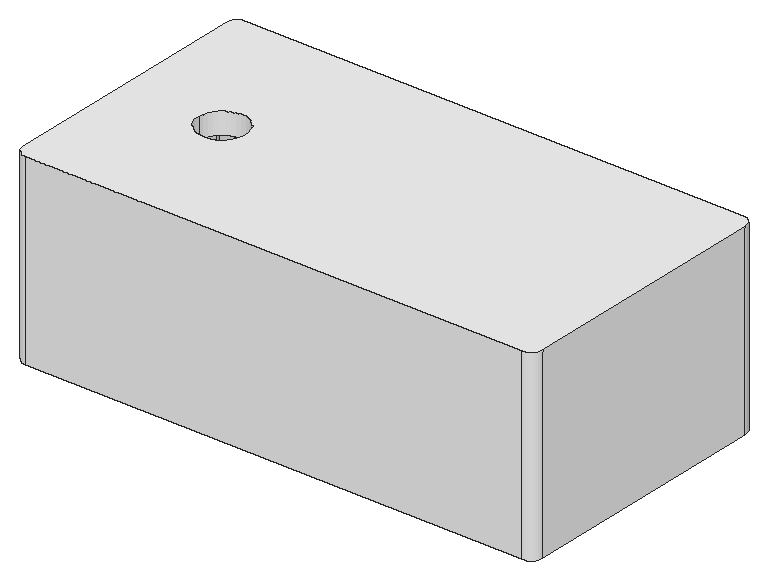
Revit family "BS0600010", category Plumbing Fixtures, Revit 2015
Parameters
  URL = "www.arboles.co.uk"
  Manufacturer = "ARBOLES UK LTD, 01204 388814"
  Description = "Belfast Ceramic Sink 460mm x 380mm x 205mm White"
Reference planes
  plane 1 "Center (Front/Back)": y = 0
  plane 2: z = 0
  plane 3 "Center (Left/Right)": x = 0
Forms (mm)
  Extrusion 1, solid
    sketch origin (0, 0, 0) x (1, 0, 0) y (0, 1, 0)
      loop
        line (15, -30.353) -> (645, -30.353)
        arc (645, -30.353) -> (655.607, -25.959) -> (660, -15.353) r 15
        line (660, -15.353) -> (660, 305)
        arc (660, 305) -> (655.607, 315.607) -> (645, 320) r 15
        line (645, 320) -> (15, 320)
        arc (15, 320) -> (4.393, 315.607) -> (0, 305) r 15
        line (0, 305) -> (0, -15.353)
        arc (0, -15.353) -> (4.393, -25.959) -> (15, -30.353) r 15
    from 0 to 236.733
  Extrusion 2, void
    sketch origin (0, 0, 0) x (1, 0, 0) y (0, 1, 0)
      loop
        arc (45, 285) -> (37.929, 282.071) -> (35, 275) r 10
        line (35, 275) -> (35, 227.613)
        arc (35, 227.613) -> (35.565, 225.304) -> (37.132, 223.517) r 5
        line (37.132, 223.517) -> (80.736, 192.986)
        arc (80.736, 192.986) -> (83.87, 189.412) -> (85, 184.794) r 10
        line (85, 184.794) -> (85, 95.206)
        arc (85, 95.206) -> (83.87, 90.588) -> (80.736, 87.014) r 10
        line (80.736, 87.014) -> (37.132, 56.483)
        arc (37.132, 56.483) -> (35.565, 54.696) -> (35, 52.387) r 5
        line (35, 52.387) -> (35, 13.584)
        arc (35, 13.584) -> (37.929, 6.513) -> (45, 3.584) r 10
        line (45, 3.584) -> (610, 3.584)
        arc (610, 3.584) -> (617.071, 6.513) -> (620, 13.584) r 10
        line (620, 13.584) -> (620, 275)
        arc (620, 275) -> (617.071, 282.071) -> (610, 285) r 10
        line (610, 285) -> (45, 285)
    from 0 to 209.583
  Extrusion 3, void
    sketch origin (0, 0, 0) x (1, 0, 0) y (0, 1, 0)
      loop
        line (100, 227.613) -> (35.3, 227.613) -> (35.3, 52.613) -> (100, 52.613) -> (100, 227.613)
    from 0 to 30
  Extrusion 4, void
    sketch origin (0, 0, 0) x (1, 0, 0) y (0, 1, 0)
      loop
        arc (47.325, 189.097) -> (43.79, 187.633) -> (42.325, 184.097) r 5
        line (42.325, 184.097) -> (42.325, 100)
        arc (42.325, 100) -> (43.79, 96.464) -> (47.325, 95) r 5
        line (47.325, 95) -> (65.717, 95)
        arc (65.717, 95) -> (69.252, 96.464) -> (70.717, 100) r 5
        line (70.717, 100) -> (70.717, 184.097)
        arc (70.717, 184.097) -> (69.252, 187.633) -> (65.717, 189.097) r 5
        line (65.717, 189.097) -> (47.325, 189.097)
    from 0 to 224.006
  Extrusion 5, void
    sketch origin (0, 0, 0) x (1, 0, 0) y (0, 1, 0)
      loop
        circle (127.958, 140) r 30
    from 0 to 250
Cuts and joins
  Extrusion 2, Extrusion 3, Extrusion 4, Extrusion 5 cuts Extrusion 1
Dimensions and locks
  aligned and locked: level to plane 2
